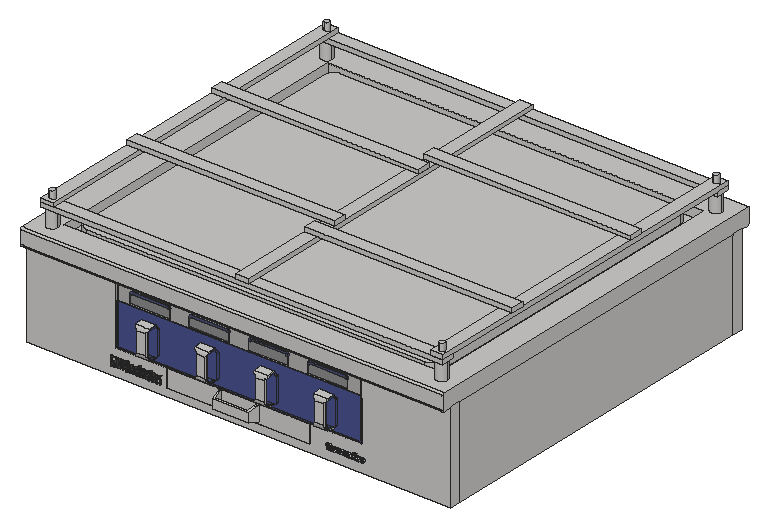
Revit family "QF_ELECTROLUXPROFESSIONAL_589870_MCLCAAJODM", category Specialty Equipment, Revit 2014
Parameters
  Weight in Pounds = 487.22
  URL Cutsheet = ""
  Type Mark [instance] = ""
  Specification by User [instance] = ""
  Specification by Manufacturer = ""
  Serial Number = ""
  Seismic Rating = ""
  SMACNA No = ""
  Revision Code [instance] = ""
  Omniclass Number and Title = ""
  NAFEM Spec ID Number = ""
  Model = "588557"
  Masterspec = ""
  Manufacturer = "Electrolux Professional"
  Item Number [instance] = ""
  Installed By [instance] = ""
  Identify Quantity as Lot [instance] = yes
  Furnished By [instance] = ""
  Foodservice Equipment Identifier [instance] = yes
  Description = ""
  CSI MasterFormat = ""
  CSI Master Format = ""
Reference planes
  plane 1 "BACK": y = 0
  plane 2: z = 0
  plane 3 "LEFT": x = 0
  plane 4 "RIGHT": x = 1000
  plane 5 "FRONT": y = -900
  plane 6 "TOP": z = 900
  plane 7 "Center (Left/Right)": x = 500
  plane 8: y = -425
  plane 9: y = -150
  plane 10: x = 55
  plane 11: x = 945
  plane 12: y = -60
  plane 13: y = -840
  plane 14 "EIx": x = 955
  plane 15 "EIy": y = -685
  plane 16: z = 938
  plane 17 "BaseTop": z = 650
  plane 18: y = -855
Forms (mm)
  Extrusion 1, solid, material "QF_Finishes_Stainless Steel"
    sketch origin (-178.969, -4572, 100) x (-1, 0, 0) y (0, -1, 0)
      loop
        line (-178.969, -4527) -> (-178.969, -3717) -> (-1178.969, -3717) -> (-1178.969, -4527) -> (-178.969, -4527)
    from 550 to 762.969
  Extrusion 2, solid, material "QF_Finishes_Stainless Steel"
    sketch origin (200, -50, 650) x (-1, 0, 0) y (0, -1, 0)
      loop
        circle (-755, 635) r 6.35
    from 0 to -11.851
  Extrusion 3, solid, material "QF_Finishes_Stainless Steel"
    sketch origin (500, 296.4, 1219.2) x (0, 1, 0) y (0, 0, 1)
      loop
        line (-296.4, -319.2) -> (-1191.4, -319.2)
        arc (-1191.4, -319.2) -> (-1194.935, -320.664) -> (-1196.4, -324.2) r 5
        line (-1196.4, -324.2) -> (-1196.4, -355.2)
        arc (-1196.4, -355.2) -> (-1194.971, -358.264) -> (-1191.705, -359.139) r 4
        line (-1191.705, -359.139) -> (-1176.4, -356.231) -> (-316.4, -356.231) -> (-301.094, -359.139)
        arc (-301.094, -359.139) -> (-297.829, -358.264) -> (-296.4, -355.2) r 4
        line (-296.4, -355.2) -> (-296.4, -319.2)
    from -500 to 500
  Extrusion 4, solid, material "QF_Finishes_Stainless Steel"
    sketch origin (0, 0, 900) x (-1, 0, 0) y (0, -1, 0)
      loop
        arc (-100, 80) -> (-85.858, 85.858) -> (-80, 100) r 20
        line (-80, 100) -> (-80, 810)
        arc (-80, 810) -> (-85.858, 824.142) -> (-100, 830) r 20
        line (-100, 830) -> (-900, 830)
        arc (-900, 830) -> (-914.142, 824.142) -> (-920, 810) r 20
        line (-920, 810) -> (-920, 100)
        arc (-920, 100) -> (-914.142, 85.858) -> (-900, 80) r 20
        line (-900, 80) -> (-100, 80)
    from 1 to -20
  Extrusion 5, void
    sketch origin (0, 0, 900) x (-1, 0, 0) y (0, -1, 0)
      loop
        line (-55, 840) -> (-945, 840) -> (-945, 60) -> (-55, 60) -> (-55, 840)
    from 0 to -25
  Extrusion 6, solid, material "QF_Finishes_Stainless Steel"
    sketch origin (500, 296.4, 1219.2) x (0, 1, 0) y (0, 0, 1)
      loop
        line (-341.4, -569.2) -> (-316.4, -569.2) -> (-316.4, -356.231) -> (-341.4, -356.231) -> (-341.4, -569.2)
    from -500 to 500
Cuts and joins
  Extrusion 5 cuts Extrusion 3
Lines and regions (mm)
  symbolic lines
    curve 1: line (0, 0, 100) -> (1000, 0, 100)
    curve 2: line (0, -900, 100) -> (0, 0, 100)
    curve 3: line (1000, -900, 100) -> (0, -900, 100)
    curve 4: line (1000, 0, 100) -> (1000, -900, 100)
    curve 5: arc (100, -80, 0) -> (85.858, -85.858, 0) -> (80, -100, 0) r 20
    curve 6: line (900, -80, 0) -> (515, -80, 0)
    curve 7: line (920, -810, 0) -> (920, -666, 0)
    curve 8: arc (920, -100, 0) -> (914.142, -85.858, 0) -> (900, -80, 0) r 20
    curve 9: line (80, -100, 0) -> (80, -336, 0)
    curve 10: arc (80, -810, 0) -> (85.858, -824.142, 0) -> (100, -830, 0) r 20
    curve 11: line (100, -830, 0) -> (485, -830, 0)
    curve 12: arc (900, -830, 0) -> (914.142, -824.142, 0) -> (920, -810, 0) r 20
    curve 13: line (80, -616, 0) -> (80, -810, 0)
    curve 14: line (80, -366, 0) -> (80, -586, 0)
    curve 15: line (515, -830, 0) -> (900, -830, 0)
    curve 16: line (920, -636, 0) -> (920, -316, 0)
    curve 17: line (920, -286, 0) -> (920, -100, 0)
    curve 18: line (485, -80, 0) -> (100, -80, 0)
Dimensions and locks
  plane 3 "LEFT" to plane 4 "RIGHT" = 1000 mm
  plane 5 "FRONT" to plane 1 "BACK" = 900 mm
  plane 3 "LEFT" to plane 7 "Center (Left/Right)" to plane 4 "RIGHT" = 500 mm, 500 mm
  plane 5 "FRONT" to plane 8 to plane 1 "BACK" = 475 mm, 425 mm
  plane 6 "TOP" to level = 900 mm  (x2)
  plane 1 "BACK" to plane 9 = 150 mm
  plane 1 "BACK" to Extrusion 2 = 685 mm
  locked: plane 14 "EIx" to plane 4 "RIGHT" at 45
  plane 15 "EIy" to plane 1 "BACK" = 685 mm
  plane 16 to plane 6 "TOP" = 38 mm
  plane 12 to plane 1 "BACK" = 60 mm
  plane 5 "FRONT" to plane 13 = 60 mm
  plane 3 "LEFT" to plane 10 = 55 mm
  plane 11 to plane 4 "RIGHT" = 55 mm
  locked: plane 6 "TOP" to plane 17 "BaseTop" at 250
  locked: plane 18 to plane 5 "FRONT" at 45
  aligned and locked: level to plane 2
  aligned and locked: cut or joined group of Extrusion 3, Extrusion 5 to plane 4 "RIGHT"
  aligned and locked: nested 1 to plane 18
  aligned and locked: Extrusion 1 to plane 18
  aligned and locked: plane 3 "LEFT" to nested 1
  aligned and locked: Extrusion 5 sketch curve to plane 10
  aligned and locked: Extrusion 5 sketch curve to plane 13
  aligned and locked: plane 11 to Extrusion 5 sketch curve
  aligned and locked: Extrusion 1 to plane 4 "RIGHT"
Nested families
  nested 1: "Front_Panel_W1000_Four Knobs" at (202.376, -855, 0), type "Front_Panel_W1000_Four Knobs"
  nested 2: "QF_ELECTROLUXPROFESSIONAL_MARINE1000x900_1" at (100, 0, 0), type "QF_ELECTROLUXPROFESSIONAL_MARINE1000x900_1"
    with Type Mark "", Specification by User "", Revision Code "", Item Number "", Installed By "", Identify Quantity as Lot yes, Furnished By "", Foodservice Equipment Identifier yes
Connectors
  electrical at (955, -685, 638.149)
    settings: on Extrusion 2, index 1, voltage 400 V, apparent load 33000 VA, apparent load phase1 0 VA, apparent load phase2 0 VA, apparent load phase3 0 VA, power factor 1, load classification "Other", number of poles 1, system type 30, power factor state 1, is connector primary yes, connector utility no, sub classification motor no, connector description "ELECTRICAL CONNECTION"
Definition of nested family "Front_Panel_W1000_Four Knobs"
  Reference planes
    plane 1 "Center (Front/Back)": y = 0
    plane 2: z = 0
    plane 3 "Center (Left/Right)": x = 297.624
    plane 4 "Left": x = -202.376
    plane 5 "Right": x = 797.624
    plane 6: y = -45
    plane 7: x = 87.624
    plane 8: x = 227.624
    plane 9: y = -310
    plane 10: y = -25
    plane 11: x = -2.376
    plane 12: x = 367.624
    plane 13: x = 507.624
    plane 14: x = 594.715
  Forms (mm)
    Extrusion 1, solid, material "QF_Finishes_Stainless Steel"
      sketch origin (833.217, 829.203, -1.25) x (0, 1, 0) y (0, 0, 1)
        loop
          line (-854.203, 651.25) -> (-829.203, 651.25) -> (-829.203, 864.25) -> (-854.203, 864.25) -> (-854.203, 651.25)
      from -1035.593 to -35.593
    Extrusion 2, void
      sketch origin (0, 0, 0) x (1, 0, 0) y (0, 0, 1)
        loop
          line (7.624, 853.866) -> (7.624, 711.866) -> (587.624, 711.866) -> (587.624, 853.866) -> (7.624, 853.866)
      from 19.387 to 33.951
    Extrusion 3, void
      sketch origin (0, 0, 0) x (1, 0, 0) y (0, 0, 1)
        loop
          line (128.624, 711.866) -> (128.624, 668.866) -> (466.624, 668.866) -> (466.624, 711.866) -> (128.624, 711.866)
      from 19.387 to 25
    Extrusion 4, solid, material "QF_Finishes_Stainless Steel"
      sketch origin (150, 0, 1) x (1, 0, 0) y (0, 0, 1)
        loop
          line (-21.376, 710.866) -> (-21.376, 667.866) -> (316.624, 667.866) -> (316.624, 710.866) -> (-21.376, 710.866)
      from 19.387 to 25
    Extrusion 5, solid, material "QF_Finishes_Stainless Steel"
      sketch origin (150, 0, 1) x (1, 0, 0) y (0, 1, 0)
        loop
          line (106.059, -25) -> (100.966, -25) -> (105.646, -49.075) -> (189.603, -49.075) -> (194.283, -25) -> (189.189, -25) -> (185.481, -44.075) -> (109.767, -44.075) -> (106.059, -25)
      from 672.593 to 705.67
    Extrusion 6, void
      sketch origin (297.624, 0, 1) x (0, 1, 0) y (0, 0, 1)
        loop
          line (-30, 705.67) -> (-30, 710.67) -> (-56.744, 710.67) -> (-56.744, 667.593) -> (-30, 667.593) -> (-30, 672.593) -> (-53.776, 680.318) -> (-53.776, 697.945) -> (-30, 705.67)
      from -50 to 50
    Extrusion 7, solid, material "QF_Door-Drawer Clearances", detail levels coarse
      sketch origin (150, -265, 1) x (1, 0, 0) y (0, 1, 0)
        loop
          line (106.164, -71.744) -> (189.084, -71.744) -> (194.283, -45) -> (316.624, -45) -> (316.624, 240) -> (-21.376, 240) -> (-21.376, -45) -> (100.966, -45) -> (106.164, -71.744)
      from 672.593 to 705.67
    Extrusion 8, void
      sketch origin (297.624, -280, 1) x (0, 1, 0) y (0, 0, 1)
        loop
          line (-30, 705.67) -> (-30, 710.67) -> (-56.744, 710.67) -> (-56.744, 667.593) -> (-30, 667.593) -> (-30, 672.593) -> (-53.776, 680.318) -> (-53.776, 697.945) -> (-30, 705.67)
      from -50 to 50
  Cuts and joins
    Extrusion 2, Extrusion 3 cuts Extrusion 1
    Extrusion 6 cuts Extrusion 5
    Extrusion 6, Extrusion 8 cuts Extrusion 7
  Lines and regions (mm)
    symbolic lines, style "SpecialityEquipmentHiddenLines"
      curve 1: line (128.624, -45, 0) -> (128.624, -310, 0)
      curve 2: line (128.624, -310, 0) -> (466.624, -310, 0)
      curve 3: line (466.624, -310, 0) -> (466.624, -45, 0)
      curve 4: line (128.624, -300, 0) -> (466.624, -300, 0)
      curve 5: line (250.908, -309.701, 0) -> (255.587, -333.776, 0)
      curve 6: line (255.587, -333.776, 0) -> (339.545, -333.776, 0)
      curve 7: line (339.545, -333.776, 0) -> (344.225, -309.701, 0)
      curve 8: line (256.001, -309.701, 0) -> (259.709, -328.776, 0)
      curve 9: line (259.709, -328.776, 0) -> (335.423, -328.776, 0)
      curve 10: line (335.423, -328.776, 0) -> (339.131, -309.701, 0)
  Dimensions and locks
    equal spacing: plane 5 "Right", plane 3 "Center (Left/Right)", plane 4 "Left"
    plane 5 "Right" to plane 4 "Left" = 1000 mm
    plane 3 "Center (Left/Right)" to plane 7 = 210 mm
    plane 3 "Center (Left/Right)" to plane 8 = 70 mm
    plane 6 to plane 9 = 265 mm
    plane 13 to plane 3 "Center (Left/Right)" = 210 mm
    plane 12 to plane 3 "Center (Left/Right)" = 70 mm
    aligned and locked: cut or joined group of Extrusion 1, Extrusion 2, Extrusion 3 to plane 4 "Left"
    aligned and locked: plane 5 "Right" to cut or joined group of Extrusion 1, Extrusion 2, Extrusion 3
    aligned and locked: plane 3 "Center (Left/Right)" to nested 2
    aligned and locked: cut or joined group of Extrusion 1, Extrusion 2, Extrusion 3 to nested 2
  Automatic sketch dimensions
    plane 7 to Extrusion 3 sketch curve = 41 mm
    plane 3 "Center (Left/Right)" to Extrusion 3 sketch curve = 169 mm
    level to Extrusion 3 sketch curve = 668.866 mm
    Extrusion 3 sketch curve to Extrusion 3 sketch curve = 43 mm
    Extrusion 1 sketch curve to plane 1 "Center (Front/Back)" = 0 mm
    level to Extrusion 1 sketch curve = 650 mm
    plane 4 "Left" to Extrusion 2 sketch curve = 210 mm
    Extrusion 2 sketch curve to plane 5 "Right" = 210 mm
    level to Extrusion 2 sketch curve = 711.866 mm
    Extrusion 2 sketch curve to Extrusion 2 sketch curve = 142 mm
    plane 6 to curve 1 = 0 mm
    plane 6 to curve 3 = 0 mm
    plane 9 to curve 1 = 0 mm
    plane 7 to curve 1 = 41 mm
    curve 1 to curve 4 = 10 mm
    Extrusion 1 sketch curve to plane 6 = 20 mm
    Extrusion 1 sketch curve to Extrusion 1 sketch curve = 213 mm
    plane 7 to Extrusion 4 sketch curve = 41 mm
    Extrusion 4 sketch curve to plane 13 = 41 mm
    level to Extrusion 4 sketch curve = 668.866 mm
    Extrusion 4 sketch curve to Extrusion 4 sketch curve = 43 mm
    plane 10 to Extrusion 5 sketch curve = 0 mm  (x2)
    plane 8 to Extrusion 5 sketch curve = 23.342 mm
    plane 6 to Extrusion 5 sketch curve = 4.075 mm
    Extrusion 5 sketch curve to Extrusion 5 sketch curve = 4.68 mm
    Extrusion 5 sketch curve to Extrusion 5 sketch curve = 5.094 mm  (x2)
    Extrusion 5 sketch curve to plane 6 = 0.925 mm
    Extrusion 5 sketch curve to Extrusion 5 sketch curve = 4.122 mm  (x2)
    Extrusion 5 sketch curve to plane 12 = 32.143 mm
    Extrusion 5 sketch curve to Extrusion 5 sketch curve = 3.708 mm
    plane 6 to Extrusion 6 sketch curve = 11.744 mm
    plane 6 to Extrusion 6 sketch curve = 8.776 mm
    plane 10 to Extrusion 6 sketch curve = 5 mm  (x2)
    level to Extrusion 6 sketch curve = 668.593 mm
    Extrusion 6 sketch curve to Extrusion 6 sketch curve = 5 mm
    Extrusion 6 sketch curve to Extrusion 6 sketch curve = 12.725 mm  (x2)
    Extrusion 6 sketch curve to Extrusion 6 sketch curve = 17.627 mm
    Extrusion 6 sketch curve to Extrusion 6 sketch curve = 7.725 mm
    plane 10 to Extrusion 7 sketch curve = 0 mm
    Extrusion 7 sketch curve to plane 9 = 0 mm  (x2)
    plane 7 to Extrusion 7 sketch curve = 41 mm
    plane 8 to Extrusion 7 sketch curve = 23.342 mm
    Extrusion 7 sketch curve to Extrusion 7 sketch curve = 5.199 mm
    Extrusion 7 sketch curve to plane 12 = 28.54 mm
    Extrusion 7 sketch curve to plane 12 = 23.342 mm
    Extrusion 7 sketch curve to plane 13 = 41 mm
    Extrusion 7 sketch curve to plane 9 = 26.744 mm
    Extrusion 8 sketch curve to plane 9 = 0 mm  (x2)
    Extrusion 8 sketch curve to plane 9 = 23.776 mm
    Extrusion 8 sketch curve to Extrusion 8 sketch curve = 2.968 mm
    level to Extrusion 8 sketch curve = 668.593 mm
    Extrusion 8 sketch curve to Extrusion 8 sketch curve = 5 mm
    Extrusion 8 sketch curve to Extrusion 8 sketch curve = 12.725 mm  (x2)
    Extrusion 8 sketch curve to Extrusion 8 sketch curve = 17.627 mm
    Extrusion 8 sketch curve to Extrusion 8 sketch curve = 7.725 mm
    curve 3 to plane 13 = 41 mm
    plane 9 to curve 5 = 0.299 mm
    plane 8 to curve 5 = 23.283 mm
    curve 5 to curve 5 = 4.68 mm
    plane 9 to curve 8 = 0.299 mm
    curve 5 to curve 8 = 5.094 mm
    curve 5 to curve 9 = 4.122 mm
    curve 9 to plane 12 = 32.201 mm
    plane 9 to curve 10 = 0.299 mm
    curve 9 to curve 10 = 3.708 mm
    curve 9 to curve 7 = 4.122 mm
    plane 9 to curve 7 = 0.299 mm
    curve 10 to curve 7 = 5.094 mm
    curve 9 to plane 9 = 18.776 mm
    curve 6 to curve 8 = 5 mm
  Nested families
    nested 1: "Range Control Handle" at (87.624, -28.137, -209.113) x (-1, 0, 0) z (0, 0, 1), type "Range Control Handle"
    nested 2: "Front glass control panel W1000" at (297.624, 280.644, 2.752), type "Front glass control panel W1000"
    nested 3: "Range Control Handle" at (227.624, -28.137, -209.113) x (-1, 0, 0) z (0, 0, 1), type "Range Control Handle"
    nested 4: "Range Control Handle" at (367.624, -28.137, -209.113), type "Range Control Handle"
    nested 5: "Range Control Handle" at (507.624, -28.137, -209.113), type "Range Control Handle"
    nested 6: "ELX_ThermaLine_Small" at (546.122, -25, 679.426) x (1, 0, 0) z (0, -1, 0), type "ELX_ThermaLine_Small"
      with Show Logo yes, Material_Logo QF_Finishes_Black
    nested 7: "ELX_Professional_Logo_Small" at (57.11, -25, 681.659) x (1, 0, 0) z (0, -1, 0), type "ELX_Professional_Logo_Small"
      with Show Logo yes, Material_Logo QF_Finishes_Black
  Definition of nested family "Range Control Handle"
    Reference planes
      plane 1 "Center (Front/Back)": y = 0
      plane 2: z = 0
      plane 3 "Center (Left/Right)": x = 0
      plane 4: z = 971.092
      plane 5: y = -16.9
    Forms (mm)
      Extrusion 1, solid, material "QF_Finishes_Electrolux Cyan"
        sketch origin (-746.28, 380.497, 208.931) x (-1, 0, 0) y (0, 0, 1)
          loop
            line (-770.101, 786.798) -> (-770.101, 731.649)
            arc (-770.101, 731.649) -> (-769.759, 730.563) -> (-768.855, 729.87) r 1.893
            line (-768.855, 729.87) -> (-763.474, 727.911) -> (-729.81, 727.911) -> (-724.428, 729.87)
            arc (-724.428, 729.87) -> (-723.525, 730.563) -> (-723.183, 731.649) r 1.893
            line (-723.183, 731.649) -> (-723.183, 786.798)
            arc (-723.183, 786.798) -> (-723.529, 787.894) -> (-724.44, 788.593) r 1.91
            line (-724.44, 788.593) -> (-729.683, 790.819) -> (-763.601, 790.819) -> (-768.844, 788.593)
            arc (-768.844, 788.593) -> (-769.755, 787.894) -> (-770.101, 786.798) r 1.91
        from -382.35 to -378.852
      Sweep 2, solid, material "QF_Finishes_Electrolux Cyan"
        path origin (-746.788, 380.496, 208.091) x (0, -1, 0) y (0, 0, 1)
          loop
            line (379.775, 793.281) -> (395.661, 791.048)
            arc (395.661, 791.048) -> (397.781, 787.377) -> (398.517, 783.202) r 12.207
            line (398.517, 783.202) -> (398.517, 737.368)
            arc (398.517, 737.368) -> (397.781, 733.193) -> (395.661, 729.522) r 12.207
            line (395.661, 729.522) -> (379.775, 727.289)
        profile origin (-746.788, -7.222, 1000.256) x (0, -0.139173, 0.990268) y (-1, 0, 0)
          loop
            line (0.782, -763.123) -> (0.782, -730.907) -> (-1.322, -730.907) -> (-1.322, -763.123) -> (0.782, -763.123)
      Sweep 3, solid, material "QF_Finishes_Stainless Steel"
        path origin (-746.788, 380.715, 207.832) x (0, -1, 0) y (0, 0, 1)
          loop
            line (380.478, 795.442) -> (397.218, 793.09)
            arc (397.218, 793.09) -> (399.929, 788.473) -> (400.871, 783.202) r 15.207
            line (400.871, 783.202) -> (400.871, 737.584)
            arc (400.871, 737.584) -> (399.914, 732.274) -> (397.164, 727.633) r 15.207
            line (397.164, 727.633) -> (380.601, 725.305)
        profile origin (-746.788, -8.132, 1002.099) x (0, -0.139173, 0.990268) y (-1, 0, 0)
          loop
            line (0.782, -763.123) -> (0.782, -730.907) -> (-1.322, -730.907) -> (-1.322, -763.123) -> (0.782, -763.123)
      Extrusion 4, void
        sketch origin (889.253, 220.666, 207.993) x (1, 0, 0) y (0, 0, 1)
          loop
            line (-943.038, 816.854) -> (-943.038, 703.686) -> (-899.466, 734.196) -> (-899.466, 786.344) -> (-943.038, 816.854)
        from 230.636 to 242.25
      Extrusion 5, void
        sketch origin (-888.8, 220.666, 207.993) x (-1, 0, 0) y (0, 0, -1)
          loop
            line (-943.038, -816.854) -> (-899.466, -786.344) -> (-899.466, -734.196) -> (-943.038, -703.686) -> (-943.038, -816.854)
        from 230.636 to 242.25
      Extrusion 6, solid, material "QF_Finishes_Electrolux Cyan"
        sketch origin (0, 0, 0) x (1, 0, 0) y (0, 0, 1)
          loop
            circle (0, 971.092) r 7.736
        from -3.137 to -1.645
    Cuts and joins
      Extrusion 4, Extrusion 5 cuts Sweep 3
      Extrusion 4, Extrusion 5 cuts Sweep 2
      joined: Extrusion 1, Extrusion 6
    Lines and regions (mm)
      symbolic lines
        curve 1: line (16.334, -16.9, 0) -> (16.334, -19.227, 0)
        curve 2: spline (16.334, -19.227, 0) -> (15.87, -19.385, 0) -> (15.404, -19.536, 0) -> (14.936, -19.678, 0) -> (14.466, -19.813, 0) -> (13.995, -19.94, 0) -> (13.523, -20.059, 0) -> (13.049, -20.171, 0) -> (12.575, -20.274, 0) -> (12.099, -20.37, 0) -> (11.622, -20.458, 0) -> (11.144, -20.537, 0) -> (10.666, -20.609, 0)
        curve 3: line (10.666, -16.9, 0) -> (10.666, -20.938, 0)
        curve 4: line (-10.213, -20.938, 0) -> (10.666, -20.938, 0)
        curve 5: line (-10.213, -20.938, 0) -> (-10.213, -16.9, 0)
        curve 6: spline (-10.213, -20.609, 0) -> (-10.691, -20.537, 0) -> (-11.169, -20.458, 0) -> (-11.646, -20.37, 0) -> (-12.122, -20.274, 0) -> (-12.597, -20.171, 0) -> (-13.07, -20.059, 0) -> (-13.542, -19.94, 0) -> (-14.013, -19.813, 0) -> (-14.483, -19.678, 0) -> (-14.951, -19.536, 0) -> (-15.417, -19.385, 0) -> (-15.881, -19.227, 0)
        curve 7: line (-15.881, -19.227, 0) -> (-15.881, -16.9, 0)
  Definition of nested family "Front glass control panel W1000"
    Reference planes
      plane 1 "Center (Front/Back)": y = 0
      plane 2: z = 0
      plane 3 "Center (Left/Right)": x = 0
    Forms (mm)
      Extrusion 1, solid, material "QF_Finishes_Electrolux Cyan"
        sketch origin (378.286, 0, 0.617) x (1, 0, 0) y (0, 0, 1)
          loop
            line (-668.286, 806.791) -> (-668.286, 708.497) -> (-88.286, 708.497) -> (-88.286, 806.791) -> (-668.286, 806.791)
        from 300.031 to 304.8
      Extrusion 2, solid, material "QF_Finishes_Electrolux_Black"
        sketch origin (378.286, 0, 0.617) x (1, 0, 0) y (0, 0, 1)
          loop
            line (-668.286, 850.497) -> (-668.286, 806.791) -> (-88.286, 806.791) -> (-88.286, 850.497) -> (-668.286, 850.497)
        from 300.031 to 304.8
      Extrusion 3, void
        sketch origin (378.286, 0, 0.617) x (1, 0, 0) y (0, 0, 1)
          loop
            line (-665.628, 847.565) -> (-665.628, 710.699) -> (-91.196, 710.699) -> (-91.196, 847.565) -> (-665.628, 847.565)
        from 303.697 to 304.8
      Extrusion 4, solid, material "QF_Finishes_Electrolux_Black Smoke Iluminated"
        sketch origin (-378.333, 1.101, -0.633) x (-1, 0, 0) y (0, 0, -1)
          loop
            line (-261.431, -812.62) -> (-355.186, -812.62) -> (-355.186, -834.177) -> (-350.269, -834.177) -> (-348.469, -835.977) -> (-268.039, -835.977) -> (-266.24, -834.177) -> (-261.431, -834.177) -> (-261.431, -812.62)
        from 304.798 to 306.745
      Extrusion 5, solid, material "QF_Finishes_Electrolux_Royal Blue Illuminated"
        sketch origin (-378.333, 1.101, -0.633) x (-1, 0, 0) y (0, 0, -1)
          loop
            line (-350.269, -834.177) -> (-355.078, -834.177)
            arc (-355.078, -834.177) -> (-353.942, -838.747) -> (-349.686, -840.763) r 5.5
            line (-349.686, -840.763) -> (-266.98, -840.763)
            arc (-266.98, -840.763) -> (-262.706, -838.752) -> (-261.529, -834.177) r 5.549
            line (-261.529, -834.177) -> (-266.24, -834.177) -> (-268.039, -835.977) -> (-348.469, -835.977) -> (-350.269, -834.177)
        from 304.798 to 306.745
      Extrusion 6, solid, material "QF_Finishes_Electrolux_Black Smoke Iluminated"
        sketch origin (-518.333, 1.101, -0.633) x (-1, 0, 0) y (0, 0, -1)
          loop
            line (-261.431, -812.62) -> (-355.186, -812.62) -> (-355.186, -834.177) -> (-350.269, -834.177) -> (-348.469, -835.977) -> (-268.039, -835.977) -> (-266.24, -834.177) -> (-261.431, -834.177) -> (-261.431, -812.62)
        from 304.798 to 306.745
      Extrusion 7, solid, material "QF_Finishes_Electrolux_Royal Blue Illuminated"
        sketch origin (-518.333, 1.101, -0.633) x (-1, 0, 0) y (0, 0, -1)
          loop
            line (-350.269, -834.177) -> (-355.078, -834.177)
            arc (-355.078, -834.177) -> (-353.942, -838.747) -> (-349.686, -840.763) r 5.5
            line (-349.686, -840.763) -> (-266.98, -840.763)
            arc (-266.98, -840.763) -> (-262.706, -838.752) -> (-261.529, -834.177) r 5.549
            line (-261.529, -834.177) -> (-266.24, -834.177) -> (-268.039, -835.977) -> (-348.469, -835.977) -> (-350.269, -834.177)
        from 304.798 to 306.745
      Extrusion 8, solid, material "QF_Finishes_Electrolux_Black Smoke Iluminated"
        sketch origin (378.333, 1.101, -0.633) x (1, 0, 0) y (0, 0, 1)
          loop
            line (-261.431, 812.62) -> (-261.431, 834.177) -> (-266.24, 834.177) -> (-268.039, 835.977) -> (-348.469, 835.977) -> (-350.269, 834.177) -> (-355.186, 834.177) -> (-355.186, 812.62) -> (-261.431, 812.62)
        from 304.798 to 306.745
      Extrusion 9, solid, material "QF_Finishes_Electrolux_Royal Blue Illuminated"
        sketch origin (378.333, 1.101, -0.633) x (1, 0, 0) y (0, 0, 1)
          loop
            line (-350.269, 834.177) -> (-348.469, 835.977) -> (-268.039, 835.977) -> (-266.24, 834.177) -> (-261.529, 834.177)
            arc (-261.529, 834.177) -> (-262.706, 838.752) -> (-266.98, 840.763) r 5.549
            line (-266.98, 840.763) -> (-349.686, 840.763)
            arc (-349.686, 840.763) -> (-353.942, 838.747) -> (-355.078, 834.177) r 5.5
            line (-355.078, 834.177) -> (-350.269, 834.177)
        from 304.798 to 306.745
      Extrusion 10, solid, material "QF_Finishes_Electrolux_Black Smoke Iluminated"
        sketch origin (518.333, 1.101, -0.633) x (1, 0, 0) y (0, 0, 1)
          loop
            line (-261.431, 812.62) -> (-261.431, 834.177) -> (-266.24, 834.177) -> (-268.039, 835.977) -> (-348.469, 835.977) -> (-350.269, 834.177) -> (-355.186, 834.177) -> (-355.186, 812.62) -> (-261.431, 812.62)
        from 304.798 to 306.745
      Extrusion 11, solid, material "QF_Finishes_Electrolux_Royal Blue Illuminated"
        sketch origin (518.333, 1.101, -0.633) x (1, 0, 0) y (0, 0, 1)
          loop
            line (-350.269, 834.177) -> (-348.469, 835.977) -> (-268.039, 835.977) -> (-266.24, 834.177) -> (-261.529, 834.177)
            arc (-261.529, 834.177) -> (-262.706, 838.752) -> (-266.98, 840.763) r 5.549
            line (-266.98, 840.763) -> (-349.686, 840.763)
            arc (-349.686, 840.763) -> (-353.942, 838.747) -> (-355.078, 834.177) r 5.5
            line (-355.078, 834.177) -> (-350.269, 834.177)
        from 304.798 to 306.745
    Cuts and joins
      Extrusion 3 cuts Extrusion 1
      Extrusion 3 cuts Extrusion 2
    Dimensions and locks
      aligned and locked: Extrusion 1 to Extrusion 2
      aligned and locked: Extrusion 5 sketch curve to Extrusion 4  (x5)
      aligned and locked: Extrusion 5 to Extrusion 4
      aligned and locked: Extrusion 7 sketch curve to Extrusion 6  (x5)
      aligned and locked: Extrusion 7 to Extrusion 6
      aligned and locked: Extrusion 9 sketch curve to Extrusion 8  (x4)
      aligned and locked: Extrusion 8 to Extrusion 9 sketch curve
      aligned and locked: Extrusion 9 to Extrusion 8
      aligned and locked: Extrusion 11 sketch curve to Extrusion 10  (x4)
      aligned and locked: Extrusion 10 to Extrusion 11 sketch curve
      aligned and locked: Extrusion 11 to Extrusion 10
  Definition of nested family "ELX_ThermaLine_Small"
    Parameters (values of type "ELX_ThermaLine_Small")
      Show Logo [instance] = yes
      Material_Logo [instance] = QF_Finishes_Black
      Default Elevation = 0 mm
    Reference planes
      plane 1 "Centro (Fronte/Retro)": y = 0
      plane 2: z = 0
      plane 3 "Centro (Sinistra/Destra)": x = 0
    Forms (mm)
      Extrusion 1, solid
        sketch origin (0, 0, 0) x (1, 0, 0) y (0, 1, 0)
          loop
            line (-1219.2, 1219.2) -> (-1219.2, -1219.2) -> (1219.2, -1219.2) -> (1219.2, 1219.2) -> (-1219.2, 1219.2)
        from 0 to -304.8
      Extrusion 2, solid, material "QF_Finishes_White"
        sketch origin (0, 0, 0) x (1, 0, 0) y (0, 1, 0)
          loop
            line (-37.494, 1.229) -> (-35.908, 1.229) -> (-35.908, 3.066) -> (-37.494, 3.066) -> (-37.494, 6.221) -> (-39.867, 4.881) -> (-39.867, 3.066) -> (-40.969, 3.066) -> (-40.969, 1.229) -> (-39.867, 1.229) -> (-39.867, -3.407)
            arc (-39.867, -3.407) -> (-38.982, -5.513) -> (-36.751, -6.001) r 2.478
            line (-36.751, -6.001) -> (-35.638, -5.7) -> (-35.9, -3.835) -> (-36.661, -4.039)
            arc (-36.661, -4.039) -> (-37.236, -3.924) -> (-37.494, -3.399) r 0.662
            line (-37.494, -3.399) -> (-37.494, 1.229)
          loop
            line (-34.242, 6.539) -> (-34.242, -5.848) -> (-31.854, -5.848) -> (-31.854, -0.078)
            arc (-31.854, -0.078) -> (-30.939, 1.249) -> (-29.33, 1.367) r 1.866
            arc (-29.33, 1.367) -> (-28.695, 0.768) -> (-28.461, -0.073) r 1.627
            line (-28.461, -0.073) -> (-28.461, -5.848) -> (-26.086, -5.848) -> (-26.064, -0.46)
            arc (-26.064, -0.46) -> (-26.261, 0.932) -> (-26.786, 2.237) r 5.825
            arc (-26.786, 2.237) -> (-29.381, 3.264) -> (-31.854, 1.971) r 3.353
            line (-31.854, 1.971) -> (-31.854, 6.539) -> (-34.242, 6.539)
          loop
            arc (-18.398, -0.598) -> (-18.893, 0.879) -> (-20.326, 1.487) r 1.897
            arc (-20.326, 1.487) -> (-21.461, 0.708) -> (-21.897, -0.598) r 2.164
            line (-21.897, -0.598) -> (-18.398, -0.598)
          loop
            arc (-16.021, -2.044) -> (-16.754, 1.227) -> (-19.444, 3.226) r 4.814
            arc (-19.444, 3.226) -> (-22.137, 2.788) -> (-23.943, 0.743) r 4.054
            arc (-23.943, 0.743) -> (-24.382, -1.249) -> (-24.162, -3.276) r 6.289
            arc (-24.162, -3.276) -> (-23.302, -4.71) -> (-21.958, -5.705) r 4.28
            arc (-21.958, -5.705) -> (-18.558, -5.814) -> (-16.152, -3.409) r 4.28
            line (-16.152, -3.409) -> (-18.5, -2.995)
            arc (-18.5, -2.995) -> (-19.273, -3.994) -> (-20.533, -4.076) r 1.536
            arc (-20.533, -4.076) -> (-21.56, -3.281) -> (-21.958, -2.044) r 2.197
            line (-21.958, -2.044) -> (-16.021, -2.044)
          loop
            line (-14.165, -5.848) -> (-11.819, -5.848) -> (-11.819, -2.138)
            arc (-11.819, -2.138) -> (-11.787, -1.156) -> (-11.637, -0.185) r 8.18
            arc (-11.637, -0.185) -> (-10.644, 0.972) -> (-9.132, 0.776) r 1.603
            line (-9.132, 0.776) -> (-8.419, 2.846)
            arc (-8.419, 2.846) -> (-10.432, 3.118) -> (-11.994, 1.821) r 2.527
            line (-11.994, 1.821) -> (-11.994, 3.094) -> (-14.165, 3.094) -> (-14.165, -5.848)
          loop
            line (-7.579, 3.094) -> (-7.579, -5.848) -> (-5.178, -5.848) -> (-5.178, -0.756)
            arc (-5.178, -0.756) -> (-4.727, 0.679) -> (-3.417, 1.419) r 2.05
            arc (-3.417, 1.419) -> (-2.499, 0.908) -> (-2.155, -0.085) r 1.471
            line (-2.155, -0.085) -> (-2.155, -5.848) -> (0.23, -5.848) -> (0.23, -1.001)
            arc (0.23, -1.001) -> (0.47, 0.127) -> (1.148, 1.061) r 2.775
            arc (1.148, 1.061) -> (2.225, 1.329) -> (3.05, 0.587) r 1.182
            arc (3.05, 0.587) -> (3.199, -0.019) -> (3.214, -0.642) r 2.894
            line (3.214, -0.642) -> (3.214, -5.848) -> (5.601, -5.848) -> (5.601, 0.261)
            arc (5.601, 0.261) -> (4.87, 2.263) -> (2.976, 3.241) r 2.932
            arc (2.976, 3.241) -> (1.284, 2.973) -> (-0.047, 1.896) r 3.309
            arc (-0.047, 1.896) -> (-1.116, 2.865) -> (-2.506, 3.258) r 3.16
            arc (-2.506, 3.258) -> (-4.105, 2.942) -> (-5.376, 1.92) r 3.419
            line (-5.376, 1.92) -> (-5.376, 3.094) -> (-7.579, 3.094)
          loop
            line (7.583, 0.738) -> (9.702, 0.364)
            arc (9.702, 0.364) -> (11.441, 1.492) -> (12.855, -0.023) r 1.613
            line (12.855, -0.023) -> (9.782, -0.789)
            arc (9.782, -0.789) -> (8.559, -1.346) -> (7.617, -2.305) r 3.687
            arc (7.617, -2.305) -> (7.499, -3.681) -> (7.901, -5.003) r 3.651
            arc (7.901, -5.003) -> (9.107, -5.766) -> (10.515, -6.006) r 3.635
            arc (10.515, -6.006) -> (11.898, -5.697) -> (13.067, -4.895) r 3.734
            line (13.067, -4.895) -> (13.376, -5.848) -> (15.75, -5.848) -> (15.212, -4.193) -> (15.212, 0.38)
            arc (15.212, 0.38) -> (14.897, 1.849) -> (13.818, 2.895) r 2.585
            arc (13.818, 2.895) -> (11.792, 3.442) -> (9.719, 3.11) r 5.005
            arc (9.719, 3.11) -> (8.369, 2.178) -> (7.583, 0.738) r 3.54
          loop
            line (19.723, -5.848) -> (22.233, -5.848) -> (24.854, 6.484) -> (22.345, 6.484) -> (19.723, -5.848)
          loop
            line (24.583, -5.848) -> (26.953, -5.848) -> (28.848, 3.066) -> (26.478, 3.066) -> (24.583, -5.848)
          loop
            line (27.204, 6.484) -> (26.741, 4.305) -> (29.111, 4.305) -> (29.575, 6.484) -> (27.204, 6.484)
          loop
            line (29.355, -5.848) -> (31.849, -5.848) -> (33.098, 0.028)
            arc (33.098, 0.028) -> (34.169, 1.306) -> (35.832, 1.422) r 2.132
            arc (35.832, 1.422) -> (36.324, 0.752) -> (36.383, -0.078) r 1.5
            line (36.383, -0.078) -> (35.157, -5.848) -> (37.536, -5.848) -> (38.936, 0.738)
            arc (38.936, 0.738) -> (38.775, 2.091) -> (37.825, 3.066) r 2.118
            arc (37.825, 3.066) -> (35.392, 3.175) -> (33.295, 1.937) r 4.271
            line (33.295, 1.937) -> (33.535, 3.066) -> (31.25, 3.066) -> (29.355, -5.848)
          loop
            line (42.792, -0.64) -> (46.589, -0.64)
            arc (46.589, -0.64) -> (46.639, 0.124) -> (46.327, 0.823) r 1.589
            arc (46.327, 0.823) -> (45.117, 1.521) -> (43.762, 1.183) r 1.865
            arc (43.762, 1.183) -> (43.141, 0.344) -> (42.792, -0.64) r 3.538
          loop
            line (42.565, -2.138) -> (48.593, -2.138)
            arc (48.593, -2.138) -> (48.58, 0.597) -> (46.983, 2.818) r 4.494
            arc (46.983, 2.818) -> (44.191, 3.28) -> (41.725, 1.891) r 4.26
            arc (41.725, 1.891) -> (40.503, -0.3) -> (40.284, -2.799) r 6.003
            arc (40.284, -2.799) -> (40.959, -4.468) -> (42.377, -5.576) r 3.482
            arc (42.377, -5.576) -> (44.265, -5.961) -> (46.152, -5.576) r 4.823
            arc (46.152, -5.576) -> (47.432, -4.731) -> (48.328, -3.485) r 4.245
            line (48.328, -3.485) -> (46.168, -3.105)
            arc (46.168, -3.105) -> (45.214, -4.072) -> (43.859, -4.181) r 1.953
            arc (43.859, -4.181) -> (42.821, -3.408) -> (42.565, -2.138) r 1.81
          loop
            line (12.868, -1.553) -> (10.216, -2.214)
            arc (10.216, -2.214) -> (9.747, -3.136) -> (10.216, -4.058) r 1.14
            arc (10.216, -4.058) -> (11.537, -4.249) -> (12.614, -3.46) r 1.763
            arc (12.614, -3.46) -> (12.858, -2.522) -> (12.868, -1.553) r 3.97
        from 0 to 1.6
    Dimensions and locks
      aligned and locked: plane 2 to Extrusion 1
      aligned and locked: level to Extrusion 1
  Definition of nested family "ELX_Professional_Logo_Small"
    Parameters (values of type "ELX_Professional_Logo_Small")
      Show Logo [instance] = yes
      Material_Logo [instance] = QF_Finishes_Black
      Default Elevation = 0 mm
    Reference planes
      plane 1 "Centro (Fronte/Retro)": y = 0
      plane 2: z = 0
      plane 3 "Centro (Sinistra/Destra)": x = 0
    Forms (mm)
      Extrusion 1, solid
        sketch origin (0, 0, 0) x (1, 0, 0) y (0, 1, 0)
          loop
            line (-1219.2, 1219.2) -> (-1219.2, -1219.2) -> (1219.2, -1219.2) -> (1219.2, 1219.2) -> (-1219.2, 1219.2)
        from 0 to -304.8
      Extrusion 2, solid, material "QF_Finishes_Black" <- "Material_Logo"
        sketch origin (15.5, 0, 0) x (1, 0, 0) y (0, 1, 0)
          loop
            spline (-42.99, -1.24) -> (-43.195, -1.231) -> (-43.415, -1.203) -> (-43.642, -1.152) -> (-43.87, -1.074) -> (-44.095, -0.966) -> (-44.309, -0.825) -> (-44.506, -0.647) -> (-44.681, -0.429) -> (-44.828, -0.167) -> (-44.94, 0.142) -> (-45.011, 0.501) -> (-45.037, 0.915)
            line (-45.037, 0.915) -> (-45.037, 2.748) -> (-38.984, 2.748) -> (-38.984, 5.086) -> (-45.038, 5.086) -> (-45.038, 8.489) -> (-38.599, 8.489) -> (-38.599, 10.82) -> (-47.515, 10.82) -> (-47.515, 1.021)
            spline (-47.515, 1.021) -> (-47.493, 0.418) -> (-47.425, -0.15) -> (-47.311, -0.682) -> (-47.15, -1.175) -> (-46.939, -1.628) -> (-46.678, -2.038) -> (-46.365, -2.404) -> (-46, -2.723) -> (-45.58, -2.995) -> (-45.105, -3.216) -> (-44.573, -3.385) -> (-43.983, -3.499)
            line (-43.983, -3.499) -> (-43.01, -3.569) -> (-38.426, -3.569) -> (-38.426, -1.24) -> (-42.99, -1.24)
          loop
            line (-36.666, 4.021) -> (-36.666, -3.573) -> (-34.188, -3.573) -> (-34.188, 10.824) -> (-36.666, 10.824) -> (-36.666, 4.021)
          loop
            spline (-21.915, 1.897) -> (-21.957, 2.615) -> (-22.082, 3.303) -> (-22.285, 3.955) -> (-22.563, 4.564) -> (-22.913, 5.124) -> (-23.331, 5.629) -> (-23.814, 6.074) -> (-24.359, 6.451) -> (-24.961, 6.755) -> (-25.618, 6.98) -> (-26.326, 7.119) -> (-27.081, 7.167)
            spline (-27.081, 7.167) -> (-27.853, 7.122) -> (-28.586, 6.99) -> (-29.275, 6.774) -> (-29.915, 6.478) -> (-30.5, 6.104) -> (-31.024, 5.657) -> (-31.483, 5.138) -> (-31.871, 4.553) -> (-32.182, 3.904) -> (-32.411, 3.194) -> (-32.552, 2.427) -> (-32.6, 1.606)
            spline (-32.6, 1.606) -> (-32.553, 0.805) -> (-32.416, 0.057) -> (-32.193, -0.637) -> (-31.887, -1.271) -> (-31.504, -1.843) -> (-31.048, -2.35) -> (-30.523, -2.788) -> (-29.934, -3.154) -> (-29.284, -3.444) -> (-28.579, -3.656) -> (-27.822, -3.785) -> (-27.019, -3.829)
            spline (-27.019, -3.829) -> (-26.627, -3.82) -> (-26.239, -3.79) -> (-25.856, -3.739) -> (-25.477, -3.663) -> (-25.103, -3.562) -> (-24.734, -3.432) -> (-24.369, -3.273) -> (-24.01, -3.082) -> (-23.655, -2.858) -> (-23.305, -2.597) -> (-22.96, -2.299) -> (-22.621, -1.962)
            line (-22.621, -1.962) -> (-24.114, -0.509)
            spline (-24.114, -0.509) -> (-24.311, -0.699) -> (-24.509, -0.872) -> (-24.71, -1.03) -> (-24.915, -1.172) -> (-25.126, -1.297) -> (-25.346, -1.407) -> (-25.576, -1.5) -> (-25.817, -1.576) -> (-26.072, -1.636) -> (-26.342, -1.678) -> (-26.629, -1.704) -> (-26.936, -1.713)
            spline (-26.936, -1.713) -> (-27.384, -1.691) -> (-27.805, -1.625) -> (-28.196, -1.518) -> (-28.556, -1.372) -> (-28.882, -1.187) -> (-29.174, -0.966) -> (-29.429, -0.71) -> (-29.645, -0.422) -> (-29.821, -0.102) -> (-29.955, 0.247) -> (-30.045, 0.623) -> (-30.089, 1.026)
            line (-30.089, 1.026) -> (-21.956, 1.026) -> (-21.915, 1.897)
          loop
            spline (-24.446, 2.769) -> (-24.47, 3.075) -> (-24.54, 3.37) -> (-24.654, 3.65) -> (-24.807, 3.913) -> (-24.996, 4.156) -> (-25.219, 4.376) -> (-25.472, 4.57) -> (-25.753, 4.736) -> (-26.057, 4.869) -> (-26.382, 4.968) -> (-26.724, 5.03) -> (-27.081, 5.051)
            spline (-27.081, 5.051) -> (-27.464, 5.03) -> (-27.832, 4.97) -> (-28.183, 4.872) -> (-28.513, 4.74) -> (-28.819, 4.577) -> (-29.099, 4.384) -> (-29.347, 4.165) -> (-29.563, 3.923) -> (-29.742, 3.659) -> (-29.881, 3.377) -> (-29.977, 3.079) -> (-30.027, 2.769)
            line (-30.027, 2.769) -> (-24.446, 2.769)
          loop
            spline (-18.167, 1.669) -> (-18.138, 2.13) -> (-18.055, 2.567) -> (-17.921, 2.978) -> (-17.739, 3.358) -> (-17.512, 3.705) -> (-17.243, 4.016) -> (-16.937, 4.287) -> (-16.596, 4.517) -> (-16.223, 4.7) -> (-15.823, 4.835) -> (-15.398, 4.919) -> (-14.951, 4.947)
            spline (-14.951, 4.947) -> (-14.677, 4.938) -> (-14.414, 4.913) -> (-14.162, 4.871) -> (-13.921, 4.812) -> (-13.69, 4.738) -> (-13.467, 4.649) -> (-13.254, 4.544) -> (-13.048, 4.424) -> (-12.85, 4.291) -> (-12.659, 4.143) -> (-12.474, 3.981) -> (-12.295, 3.806)
            line (-12.295, 3.806) -> (-10.76, 5.403)
            spline (-10.76, 5.403) -> (-11.065, 5.709) -> (-11.38, 5.984) -> (-11.703, 6.228) -> (-12.035, 6.443) -> (-12.375, 6.63) -> (-12.723, 6.788) -> (-13.078, 6.92) -> (-13.44, 7.026) -> (-13.809, 7.107) -> (-14.184, 7.164) -> (-14.564, 7.198) -> (-14.951, 7.209)
            spline (-14.951, 7.209) -> (-15.725, 7.161) -> (-16.467, 7.02) -> (-17.169, 6.792) -> (-17.826, 6.482) -> (-18.43, 6.096) -> (-18.976, 5.637) -> (-19.455, 5.112) -> (-19.862, 4.525) -> (-20.19, 3.882) -> (-20.433, 3.189) -> (-20.584, 2.449) -> (-20.635, 1.669)
            spline (-20.635, 1.669) -> (-20.584, 0.889) -> (-20.433, 0.149) -> (-20.19, -0.545) -> (-19.862, -1.187) -> (-19.455, -1.774) -> (-18.976, -2.299) -> (-18.43, -2.758) -> (-17.826, -3.145) -> (-17.169, -3.454) -> (-16.467, -3.682) -> (-15.725, -3.823) -> (-14.951, -3.871)
            spline (-14.951, -3.871) -> (-14.564, -3.86) -> (-14.184, -3.826) -> (-13.809, -3.77) -> (-13.44, -3.689) -> (-13.078, -3.583) -> (-12.723, -3.451) -> (-12.375, -3.292) -> (-12.035, -3.105) -> (-11.703, -2.89) -> (-11.38, -2.646) -> (-11.065, -2.371) -> (-10.76, -2.066)
            line (-10.76, -2.066) -> (-12.295, -0.468)
            spline (-12.295, -0.468) -> (-12.474, -0.643) -> (-12.659, -0.805) -> (-12.85, -0.953) -> (-13.048, -1.087) -> (-13.254, -1.206) -> (-13.467, -1.311) -> (-13.69, -1.4) -> (-13.921, -1.475) -> (-14.162, -1.533) -> (-14.414, -1.575) -> (-14.677, -1.6) -> (-14.951, -1.609)
            spline (-14.951, -1.609) -> (-15.398, -1.581) -> (-15.823, -1.497) -> (-16.223, -1.362) -> (-16.596, -1.179) -> (-16.937, -0.95) -> (-17.243, -0.678) -> (-17.512, -0.367) -> (-17.739, -0.02) -> (-17.921, 0.36) -> (-18.055, 0.771) -> (-18.138, 1.208) -> (-18.167, 1.669)
          loop
            spline (-4.441, -1.243) -> (-4.659, -1.247) -> (-4.894, -1.23) -> (-5.137, -1.19) -> (-5.384, -1.121) -> (-5.628, -1.021) -> (-5.864, -0.884) -> (-6.084, -0.708) -> (-6.283, -0.488) -> (-6.454, -0.219) -> (-6.592, 0.101) -> (-6.69, 0.478) -> (-6.742, 0.914)
            line (-6.742, 0.914) -> (-6.742, 4.587) -> (-4.487, 4.587) -> (-4.487, 6.838) -> (-6.738, 6.838) -> (-6.738, 10.824) -> (-9.217, 10.824) -> (-9.217, 0.773)
            spline (-9.217, 0.773) -> (-9.164, 0.19) -> (-9.068, -0.358) -> (-8.928, -0.87) -> (-8.742, -1.343) -> (-8.511, -1.777) -> (-8.232, -2.168) -> (-7.904, -2.515) -> (-7.527, -2.816) -> (-7.098, -3.069) -> (-6.618, -3.273) -> (-6.084, -3.426) -> (-5.496, -3.525)
            line (-5.496, -3.525) -> (-4.45, -3.573) -> (-4.441, -1.243)
          loop
            spline (3.898, 6.983) -> (3.469, 7.009) -> (3.056, 7.001) -> (2.661, 6.961) -> (2.283, 6.888) -> (1.925, 6.785) -> (1.588, 6.652) -> (1.272, 6.49) -> (0.979, 6.301) -> (0.71, 6.085) -> (0.465, 5.844) -> (0.247, 5.578) -> (0.056, 5.289)
            line (0.056, 5.289) -> (0.056, 6.838) -> (-2.402, 6.838) -> (-2.402, -3.572) -> (0.056, -3.572) -> (0.056, 1.901)
            spline (0.056, 1.901) -> (0.079, 2.316) -> (0.145, 2.703) -> (0.254, 3.06) -> (0.404, 3.386) -> (0.592, 3.679) -> (0.818, 3.938) -> (1.08, 4.162) -> (1.375, 4.348) -> (1.703, 4.495) -> (2.062, 4.602) -> (2.45, 4.668) -> (2.865, 4.69)
            line (2.865, 4.69) -> (3.898, 4.586) -> (3.898, 6.983)
          loop
            spline (15.638, 1.633) -> (15.586, 2.396) -> (15.435, 3.124) -> (15.192, 3.81) -> (14.863, 4.449) -> (14.455, 5.034) -> (13.975, 5.56) -> (13.43, 6.021) -> (12.826, 6.411) -> (12.17, 6.724) -> (11.469, 6.955) -> (10.729, 7.098) -> (9.958, 7.147)
            spline (9.958, 7.147) -> (9.182, 7.098) -> (8.44, 6.955) -> (7.737, 6.724) -> (7.081, 6.411) -> (6.477, 6.021) -> (5.933, 5.56) -> (5.454, 5.034) -> (5.048, 4.449) -> (4.721, 3.81) -> (4.479, 3.124) -> (4.329, 2.396) -> (4.277, 1.633)
            spline (4.277, 1.633) -> (4.329, 0.869) -> (4.479, 0.141) -> (4.721, -0.544) -> (5.048, -1.183) -> (5.454, -1.768) -> (5.933, -2.294) -> (6.477, -2.755) -> (7.081, -3.145) -> (7.737, -3.459) -> (8.44, -3.69) -> (9.182, -3.833) -> (9.958, -3.882)
            spline (9.958, -3.882) -> (10.729, -3.833) -> (11.469, -3.69) -> (12.17, -3.459) -> (12.826, -3.145) -> (13.43, -2.755) -> (13.975, -2.294) -> (14.455, -1.768) -> (14.863, -1.183) -> (15.192, -0.544) -> (15.435, 0.141) -> (15.586, 0.869) -> (15.638, 1.633)
          loop
            spline (13.18, 1.633) -> (13.151, 2.083) -> (13.067, 2.513) -> (12.932, 2.918) -> (12.748, 3.296) -> (12.52, 3.642) -> (12.251, 3.954) -> (11.943, 4.227) -> (11.601, 4.459) -> (11.228, 4.645) -> (10.828, 4.782) -> (10.403, 4.867) -> (9.958, 4.896)
            spline (9.958, 4.896) -> (9.509, 4.867) -> (9.081, 4.782) -> (8.679, 4.645) -> (8.306, 4.459) -> (7.964, 4.227) -> (7.658, 3.954) -> (7.39, 3.642) -> (7.163, 3.296) -> (6.981, 2.918) -> (6.847, 2.513) -> (6.765, 2.083) -> (6.736, 1.633)
            spline (6.736, 1.633) -> (6.765, 1.182) -> (6.847, 0.753) -> (6.981, 0.347) -> (7.163, -0.031) -> (7.39, -0.377) -> (7.658, -0.689) -> (7.964, -0.962) -> (8.306, -1.193) -> (8.679, -1.38) -> (9.081, -1.517) -> (9.509, -1.602) -> (9.958, -1.631)
            spline (9.958, -1.631) -> (10.403, -1.602) -> (10.828, -1.517) -> (11.228, -1.38) -> (11.601, -1.193) -> (11.943, -0.962) -> (12.251, -0.689) -> (12.52, -0.377) -> (12.748, -0.031) -> (12.932, 0.347) -> (13.067, 0.753) -> (13.151, 1.182) -> (13.18, 1.633)
          loop
            line (17.162, 4.269) -> (17.162, -3.573) -> (19.642, -3.573) -> (19.642, 10.824) -> (17.162, 10.824) -> (17.162, 4.269)
          loop
            line (28.581, 6.838) -> (28.581, 0.786)
            spline (28.581, 0.786) -> (28.561, 0.393) -> (28.503, 0.038) -> (28.409, -0.279) -> (28.281, -0.559) -> (28.122, -0.802) -> (27.933, -1.011) -> (27.717, -1.185) -> (27.476, -1.325) -> (27.213, -1.433) -> (26.929, -1.509) -> (26.626, -1.554) -> (26.308, -1.569)
            spline (26.308, -1.569) -> (25.99, -1.554) -> (25.688, -1.509) -> (25.404, -1.434) -> (25.141, -1.326) -> (24.9, -1.187) -> (24.684, -1.014) -> (24.496, -0.807) -> (24.336, -0.565) -> (24.209, -0.288) -> (24.115, 0.026) -> (24.057, 0.376) -> (24.037, 0.765)
            line (24.037, 0.765) -> (24.037, 6.838) -> (21.537, 6.838) -> (21.537, 0.558)
            spline (21.537, 0.558) -> (21.581, -0.153) -> (21.71, -0.8) -> (21.916, -1.384) -> (22.195, -1.904) -> (22.54, -2.362) -> (22.944, -2.757) -> (23.403, -3.09) -> (23.909, -3.362) -> (24.456, -3.572) -> (25.04, -3.722) -> (25.652, -3.811) -> (26.288, -3.841)
            spline (26.288, -3.841) -> (26.929, -3.811) -> (27.547, -3.72) -> (28.135, -3.568) -> (28.687, -3.355) -> (29.197, -3.079) -> (29.66, -2.741) -> (30.068, -2.341) -> (30.415, -1.877) -> (30.696, -1.349) -> (30.905, -0.757) -> (31.034, -0.101) -> (31.079, 0.621)
            line (31.079, 0.621) -> (31.079, 6.838) -> (28.581, 6.838)
          loop
            line (40.457, -0.243) -> (38.894, 1.942) -> (40.83, 4.579) -> (42.488, 6.837) -> (39.782, 6.837) -> (37.53, 3.719) -> (35.258, 6.837) -> (32.573, 6.837) -> (34.113, 4.731) -> (36.167, 1.922) -> (34.014, -1.076) -> (32.222, -3.573) -> (34.887, -3.573) -> (37.53, 0.104) -> (40.174, -3.573) -> (42.839, -3.573) -> (40.457, -0.243)
          loop
            line (-46.121, -5.837) -> (-48.039, -5.837) -> (-48.039, -10.814) -> (-47.016, -10.814) -> (-47.016, -9.128) -> (-46.121, -9.128)
            arc (-46.121, -9.128) -> (-44.476, -7.482) -> (-46.121, -5.837) r 1.645
          loop
            line (-46.163, -6.778) -> (-47.016, -6.778) -> (-47.016, -8.187) -> (-46.163, -8.187)
            arc (-46.163, -8.187) -> (-45.458, -7.482) -> (-46.163, -6.778) r 0.704
          loop
            line (-38.313, -5.837) -> (-40.265, -5.837) -> (-40.265, -10.814) -> (-39.241, -10.814) -> (-39.241, -9.1) -> (-38.46, -9.182) -> (-37.48, -10.814) -> (-36.318, -10.814) -> (-37.513, -8.848)
            arc (-37.513, -8.848) -> (-36.888, -8.266) -> (-36.671, -7.441) r 1.536
            arc (-36.671, -7.441) -> (-37.165, -6.305) -> (-38.313, -5.837) r 1.643
          loop
            arc (-38.402, -8.166) -> (-37.707, -7.505) -> (-38.334, -6.778) r 0.696
            line (-38.334, -6.778) -> (-39.241, -6.778) -> (-39.241, -8.166) -> (-38.402, -8.166)
          loop
            circle (-29.965, -8.325) r 2.585
          loop
            circle (-29.965, -8.325) r 1.64
          loop
            line (-23.1, -5.837) -> (-23.1, -10.814) -> (-22.076, -10.814) -> (-22.076, -8.768) -> (-20.204, -8.768) -> (-20.204, -7.828) -> (-22.076, -7.828) -> (-22.076, -6.778) -> (-20.024, -6.778) -> (-20.024, -5.837) -> (-23.1, -5.837)
          loop
            line (-15.802, -5.837) -> (-15.802, -9.2)
            arc (-15.802, -9.2) -> (-15.343, -10.34) -> (-14.209, -10.814) r 1.593
            line (-14.209, -10.814) -> (-12.602, -10.814) -> (-12.602, -10.027) -> (-14.004, -10.027)
            arc (-14.004, -10.027) -> (-14.552, -9.8) -> (-14.779, -9.252) r 0.775
            line (-14.779, -9.252) -> (-14.779, -8.424) -> (-12.789, -8.424) -> (-12.789, -7.642) -> (-14.779, -7.642) -> (-14.779, -6.778) -> (-12.651, -6.778) -> (-12.651, -5.837) -> (-15.802, -5.837)
          loop
            line (-5.909, -7.143) -> (-5.173, -6.638)
            arc (-5.173, -6.638) -> (-5.855, -5.974) -> (-6.781, -5.755) r 1.782
            arc (-6.781, -5.755) -> (-7.397, -5.878) -> (-7.944, -6.189) r 1.974
            arc (-7.944, -6.189) -> (-8.202, -6.5) -> (-8.317, -6.888) r 1.013
            arc (-8.317, -6.888) -> (-8.306, -7.341) -> (-8.192, -7.78) r 1.985
            arc (-8.192, -7.78) -> (-7.749, -8.259) -> (-7.171, -8.563) r 1.928
            arc (-7.171, -8.563) -> (-6.637, -8.779) -> (-6.131, -9.056) r 5.041
            arc (-6.131, -9.056) -> (-5.934, -9.387) -> (-6.09, -9.74) r 0.42
            arc (-6.09, -9.74) -> (-6.631, -9.96) -> (-7.204, -9.845) r 1.016
            arc (-7.204, -9.845) -> (-7.625, -9.603) -> (-7.889, -9.196) r 1.033
            line (-7.889, -9.196) -> (-8.67, -9.686)
            arc (-8.67, -9.686) -> (-8.361, -10.198) -> (-7.908, -10.589) r 1.914
            arc (-7.908, -10.589) -> (-7.334, -10.834) -> (-6.714, -10.896) r 2.063
            arc (-6.714, -10.896) -> (-5.947, -10.743) -> (-5.256, -10.376) r 2.696
            arc (-5.256, -10.376) -> (-4.95, -9.565) -> (-5.108, -8.712) r 1.618
            arc (-5.108, -8.712) -> (-5.448, -8.319) -> (-5.884, -8.035) r 1.876
            arc (-5.884, -8.035) -> (-6.434, -7.789) -> (-6.999, -7.577) r 9.883
            arc (-6.999, -7.577) -> (-7.325, -7.07) -> (-6.854, -6.694) r 0.45
            arc (-6.854, -6.694) -> (-6.329, -6.809) -> (-5.909, -7.143) r 1.197
          loop
            line (1.61, -7.143) -> (2.345, -6.638)
            arc (2.345, -6.638) -> (1.663, -5.974) -> (0.737, -5.755) r 1.782
            arc (0.737, -5.755) -> (0.121, -5.878) -> (-0.425, -6.189) r 1.974
            arc (-0.425, -6.189) -> (-0.683, -6.5) -> (-0.799, -6.888) r 1.013
            arc (-0.799, -6.888) -> (-0.788, -7.341) -> (-0.674, -7.78) r 1.985
            arc (-0.674, -7.78) -> (-0.231, -8.259) -> (0.347, -8.563) r 1.928
            arc (0.347, -8.563) -> (0.881, -8.779) -> (1.387, -9.056) r 5.041
            arc (1.387, -9.056) -> (1.584, -9.387) -> (1.428, -9.74) r 0.42
            arc (1.428, -9.74) -> (0.887, -9.96) -> (0.314, -9.845) r 1.016
            arc (0.314, -9.845) -> (-0.107, -9.603) -> (-0.371, -9.196) r 1.033
            line (-0.371, -9.196) -> (-1.152, -9.686)
            arc (-1.152, -9.686) -> (-0.842, -10.198) -> (-0.39, -10.589) r 1.914
            arc (-0.39, -10.589) -> (0.184, -10.834) -> (0.804, -10.896) r 2.063
            arc (0.804, -10.896) -> (1.572, -10.743) -> (2.263, -10.376) r 2.696
            arc (2.263, -10.376) -> (2.568, -9.565) -> (2.411, -8.712) r 1.618
            arc (2.411, -8.712) -> (2.07, -8.319) -> (1.635, -8.035) r 1.876
            arc (1.635, -8.035) -> (1.084, -7.789) -> (0.519, -7.577) r 9.883
            arc (0.519, -7.577) -> (0.193, -7.07) -> (0.665, -6.694) r 0.45
            arc (0.665, -6.694) -> (1.189, -6.809) -> (1.61, -7.143) r 1.197
          loop
            line (6.801, -5.837) -> (6.801, -10.814) -> (7.825, -10.814) -> (7.825, -5.837) -> (6.801, -5.837)
          loop
            circle (14.724, -8.325) r 1.548
          loop
            circle (14.724, -8.325) r 2.585
          loop
            line (21.59, -10.814) -> (22.623, -10.814) -> (22.623, -7.685) -> (24.9, -10.814) -> (25.895, -10.814) -> (25.895, -5.837) -> (24.861, -5.837) -> (24.861, -9.061) -> (22.585, -5.837) -> (21.59, -5.837) -> (21.59, -10.814)
          loop
            line (31.054, -10.814) -> (31.539, -9.74) -> (33.38, -9.74) -> (33.865, -10.814) -> (34.965, -10.814) -> (32.46, -5.837) -> (29.956, -10.814) -> (31.054, -10.814)
          loop
            line (32.46, -7.698) -> (31.999, -8.719) -> (32.921, -8.719) -> (32.46, -7.698)
          loop
            line (40.047, -9.873) -> (40.047, -5.837) -> (39.024, -5.837) -> (39.024, -10.814) -> (41.961, -10.814) -> (41.961, -9.873) -> (40.047, -9.873)
          loop
            line (-74.986, -10.814) -> (-53.322, -10.814) -> (-53.322, 10.82) -> (-74.986, 10.82) -> (-74.986, -10.814)
          loop
            line (-61.261, 9.758) -> (-61.261, -9.707)
            arc (-61.261, -9.707) -> (-54.066, 0.025) -> (-61.261, 9.758) r 10.18
          loop
            line (-62.251, 8.349) -> (-62.251, 9.758)
            arc (-62.251, 9.758) -> (-70.347, 7.918) -> (-74.247, 0.59) r 9.976
            line (-74.247, 0.59) -> (-71.026, 0.59)
            arc (-71.026, 0.59) -> (-65.274, 2.925) -> (-62.251, 8.349) r 9.351
          loop
            arc (-74.247, -0.539) -> (-70.353, -7.928) -> (-62.251, -9.957) r 10.237
            line (-62.251, -9.957) -> (-62.251, -8.298)
            arc (-62.251, -8.298) -> (-65.274, -2.874) -> (-71.026, -0.539) r 9.351
            line (-71.026, -0.539) -> (-74.247, -0.539)
        from 0 to 1.644
    Dimensions and locks
      aligned and locked: plane 2 to Extrusion 1
      aligned and locked: level to Extrusion 1
Definition of nested family "QF_ELECTROLUXPROFESSIONAL_MARINE1000x900_1"
  Parameters (values of type "QF_ELECTROLUXPROFESSIONAL_MARINE1000x900_1")
    Weight in Pounds = 487.22
    URL Cutsheet = ""
    Type Mark [instance] = ""
    Specification by User [instance] = ""
    Specification by Manufacturer = ""
    Serial Number = ""
    Seismic Rating = ""
    SMACNA No = ""
    Revision Code [instance] = ""
    Omniclass Number and Title = ""
    NAFEM Spec ID Number = ""
    Model = "589585"
    Masterspec = ""
    Manufacturer = "ELECTROLUX"
    Item Number [instance] = ""
    Installed By [instance] = ""
    Identify Quantity as Lot [instance] = yes
    Furnished By [instance] = ""
    Foodservice Equipment Identifier [instance] = yes
    Description = "FULL IND+STAT.OVEN,TAP(L)1S,1200X900X700"
    CSI MasterFormat = ""
    CSI Master Format = ""
  Reference planes
    plane 1 "BACK": y = 0
    plane 2: z = 0
    plane 3 "LEFT": x = -100
    plane 4 "RIGHT": x = 900
    plane 5 "FRONT": y = -900
    plane 6 "TOP": z = 900
    plane 7 "Center (Left/Right)": x = 400
    plane 8: y = -450
    plane 9: z = 200
    plane 10: y = -150
    plane 11 "Panel": y = -855
    plane 12: z = 798
    plane 13: z = 975
    plane 14: x = -22
    plane 15: x = 822
    plane 16: y = -150
    plane 17: y = -650
    plane 18 "EIx": x = 855
    plane 19 "EIy": y = -685
    plane 20: y = -880
    plane 21 "TopBase": z = 650
  Forms (mm)
    Extrusion 1, solid, material "QF_Finishes_Stainless Steel"
      sketch origin (0, 0, 940) x (0, 1, 0) y (-1, 0, 0)
        loop
          line (-30, 75) -> (-60, 75) -> (-60, -875) -> (-30, -875) -> (-30, 75)
        loop
          line (-870, 75) -> (-870, -875) -> (-840, -875) -> (-840, 75) -> (-870, 75)
        loop
          circle (-855, 60) r 6.5
        loop
          circle (-855, -860) r 6.5
        loop
          circle (-45, 60) r 6.5
        loop
          circle (-45, -860) r 6.5
      from 0 to 10
    Extrusion 2, solid, material "QF_Finishes_Stainless Steel"
      sketch origin (0, 0, 950) x (0, 1, 0) y (-1, 0, 0)
        loop
          line (-30, 75) -> (-870, 75) -> (-870, 45) -> (-30, 45) -> (-30, 75)
        loop
          line (-30, -875) -> (-30, -845) -> (-870, -845) -> (-870, -875) -> (-30, -875)
        loop
          line (-30, -415) -> (-30, -385) -> (-870, -385) -> (-870, -415) -> (-30, -415)
        loop
          circle (-45, 60) r 6.5
        loop
          circle (-45, -860) r 6.5
        loop
          circle (-855, 60) r 6.5
        loop
          circle (-855, -860) r 6.5
      from 0 to 10
    Extrusion 3, solid, material "QF_Finishes_Stainless Steel"
      sketch origin (0, 0, 960) x (0, 1, 0) y (-1, 0, 0)
        loop
          line (-336, 75) -> (-366, 75) -> (-366, -415) -> (-336, -415) -> (-336, 75)
        loop
          line (-586, 75) -> (-616, 75) -> (-616, -415) -> (-586, -415) -> (-586, 75)
        loop
          line (-286, -385) -> (-316, -385) -> (-316, -875) -> (-286, -875) -> (-286, -385)
        loop
          line (-636, -385) -> (-666, -385) -> (-666, -875) -> (-636, -875) -> (-636, -385)
      from 0 to 10
    Extrusion 4, solid, material "QF_Finishes_Stainless Steel"
      sketch origin (0, -1, 900) x (-1, 0, 0) y (0, -1, 0)
        loop
          circle (60, 44) r 13
        loop
          circle (-860, 44) r 13
        loop
          circle (60, 854) r 13
        loop
          circle (-860, 854) r 13
      from 0 to 40
    Extrusion 5, solid, material "QF_Finishes_Stainless Steel"
      sketch origin (0, -1, 940) x (0, 1, 0) y (-1, 0, 0)
        loop
          circle (-854, 60) r 6.5
        loop
          circle (-854, -860) r 6.5
        loop
          circle (-44, 60) r 6.5
